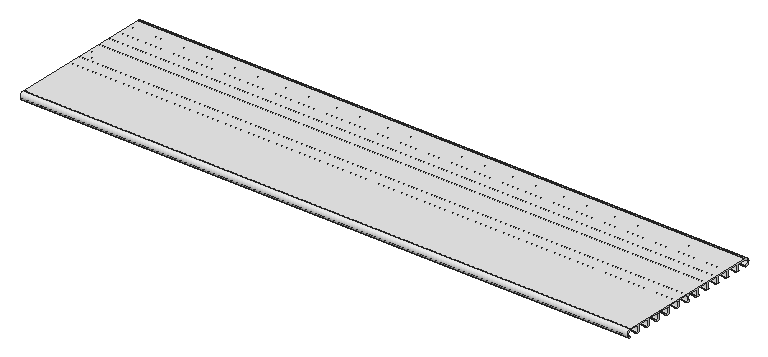
Revit family "Shelf-12in_Rakks", category Specialty Equipment, Revit 2026
Family settings
  Round Connector Dimension = Use Diameter
  Part Type = Normal
  Classification Number = 23.40.50.31.11.14
  Work Plane-Based = No
  Enable Cutting in Views = No
  Always vertical = Yes
  Cut with Voids When Loaded = No
  Maintain Annotation Orientation = No
  Shared = Yes
  Room Calculation Point = No
Parameters
  Warranty Duration (Years) = 0
  Unit Width [instance] = 4' - 0"
  Unit Depth = 1' - 0"
  URL = "http://www.rakks.com/"
  Test Data = "http://www.rakks.com/pdfs/Rangine_Corporation_Leed_Statement.pdf"
  Specification = "http://www.arcat.com/sdspecs/htm/10670rak.htm"
  Send Message = "http://www.arcat.com/users.pl?action=UserEmail&company=Rangine%20Corp.%20-%20Rakks&coid=35076&rep=116&fax=781-455-8702&mf="
  Sales Information = "http://store.rakks.com/"
  Revision = "R1_03-2010"
  Product Properties = "http://www.arcat.com/bim/bim_info.pl?fn=Shelving_Rakks"
  Product Data = "http://www.arcat.com/arcatcos/cos35/arc35076.html"
  Model = ""
  Material = Metal - Clear Anodized
  Manufacturer Website = "http://www.rakks.com/"
  Manufacturer Phone - Toll Free = "800-826-6006"
  Manufacturer Phone = "781-455-8700"
  Manufacturer Fax = "781-455-8702"
  Manufacturer Address = "330 Reservoir St., Needham, MA 02494"
  Manufacturer = "Rangine Corp. - Rakks"
  Maintenance Schedule (Months) = 0
  Keynote = "10 56 00"
  Installation-Fabrication = "http://www.rakks.com/literature/install.html"
  Installation Phase = ""
  Green Building-LEED = "http://www.arcat.com/green/clients/leed_data_35076.html"
  Expected Lifespan (Years) = 0
  Drawn By = "Robert S. Weygant, CSI, CDT, SCIP"
  Description = ""
  Default Elevation = 0' - 0"
  Copyright = "2010, ARCAT, Inc"
  Construction Details = "http://www.arcat.com/details/rangine/rangine.html?coid=35076"
  Capacity (Weight) = 0.00 lbf
  Building Codes = ""
  Assembly Code = "E1010500"
Reference planes (in)
  plane 1 "Back": y = 0
  plane 2: z = 0
  plane 3 "Center (Left/Right)": x = 0
  plane 4: x = -24
  plane 5: x = 24
Forms (in)
  Extrusion 1, solid, material "Metal - Clear Anodized" <- "Material"
    sketch origin (0, 0, 0.00216) x (0, 1, 0) y (0, 0, 1)
      loop
        line (-11.61964, 0.5821) -> (-11.6435, 0.55825)
        arc (-11.6435, 0.55825) -> (-11.94599, 0.30641) -> (-11.6978, 0.00093) r 0.28
        arc (-11.6978, 0.00093) -> (-11.66747, 0.02527) -> (-11.69181, 0.0556) r 0.0275
        arc (-11.69181, 0.0556) -> (-11.89197, 0.29153) -> (-11.66731, 0.50426) r 0.225
        line (-11.66731, 0.50426) -> (-10.98876, 0.50426)
        arc (-10.98876, 0.50426) -> (-10.91258, 0.26529) -> (-10.97205, 0.02163) r 0.4635
        arc (-10.97205, 0.02163) -> (-10.97194, 0.00669) -> (-10.95899, -0.00074) r 0.015
        line (-10.95899, -0.00074) -> (-10.80562, -0.00074)
        arc (-10.80562, -0.00074) -> (-10.79267, 0.00669) -> (-10.79256, 0.02163) r 0.015
        arc (-10.79256, 0.02163) -> (-10.85203, 0.26529) -> (-10.77586, 0.50426) r 0.4635
        line (-10.77586, 0.50426) -> (-10.00176, 0.50426)
        arc (-10.00176, 0.50426) -> (-9.92558, 0.26529) -> (-9.98505, 0.02163) r 0.4635
        arc (-9.98505, 0.02163) -> (-9.98494, 0.00669) -> (-9.97199, -0.00074) r 0.015
        line (-9.97199, -0.00074) -> (-9.81862, -0.00074)
        arc (-9.81862, -0.00074) -> (-9.80567, 0.00669) -> (-9.80556, 0.02163) r 0.015
        arc (-9.80556, 0.02163) -> (-9.86503, 0.26529) -> (-9.78886, 0.50426) r 0.4635
        line (-9.78886, 0.50426) -> (-9.01476, 0.50426)
        arc (-9.01476, 0.50426) -> (-8.93858, 0.26529) -> (-8.99805, 0.02163) r 0.4635
        arc (-8.99805, 0.02163) -> (-8.99794, 0.00669) -> (-8.98499, -0.00074) r 0.015
        line (-8.98499, -0.00074) -> (-8.83162, -0.00074)
        arc (-8.83162, -0.00074) -> (-8.81867, 0.00669) -> (-8.81856, 0.02163) r 0.015
        arc (-8.81856, 0.02163) -> (-8.87803, 0.26529) -> (-8.80186, 0.50426) r 0.4635
        line (-8.80186, 0.50426) -> (-8.02776, 0.50426)
        arc (-8.02776, 0.50426) -> (-7.95158, 0.26529) -> (-8.01105, 0.02163) r 0.4635
        arc (-8.01105, 0.02163) -> (-8.01094, 0.00669) -> (-7.99799, -0.00074) r 0.015
        line (-7.99799, -0.00074) -> (-7.84462, -0.00074)
        arc (-7.84462, -0.00074) -> (-7.83167, 0.00669) -> (-7.83156, 0.02163) r 0.015
        arc (-7.83156, 0.02163) -> (-7.89103, 0.26529) -> (-7.81486, 0.50426) r 0.4635
        line (-7.81486, 0.50426) -> (-7.04076, 0.50426)
        arc (-7.04076, 0.50426) -> (-6.96458, 0.26529) -> (-7.02405, 0.02163) r 0.4635
        arc (-7.02405, 0.02163) -> (-7.02394, 0.00669) -> (-7.01099, -0.00074) r 0.015
        line (-7.01099, -0.00074) -> (-6.85762, -0.00074)
        arc (-6.85762, -0.00074) -> (-6.84467, 0.00669) -> (-6.84456, 0.02163) r 0.015
        arc (-6.84456, 0.02163) -> (-6.90403, 0.26529) -> (-6.82786, 0.50426) r 0.4635
        line (-6.82786, 0.50426) -> (-6.07376, 0.50426)
        arc (-6.07376, 0.50426) -> (-5.99759, 0.26562) -> (-6.05673, 0.0222) r 0.4635
        arc (-6.05673, 0.0222) -> (-6.05659, 0.00594) -> (-6.04248, -0.00216) r 0.01635
        line (-6.04248, -0.00216) -> (-5.90332, -0.00216)
        arc (-5.90332, -0.00216) -> (-5.89037, 0.00528) -> (-5.89025, 0.02021) r 0.015
        arc (-5.89025, 0.02021) -> (-5.94972, 0.26387) -> (-5.87355, 0.50284) r 0.4635
        line (-5.87355, 0.50284) -> (-5.11945, 0.50284)
        arc (-5.11945, 0.50284) -> (-5.04328, 0.26387) -> (-5.10275, 0.02021) r 0.4635
        arc (-5.10275, 0.02021) -> (-5.10263, 0.00528) -> (-5.08968, -0.00216) r 0.015
        line (-5.08968, -0.00216) -> (-4.93632, -0.00216)
        arc (-4.93632, -0.00216) -> (-4.92337, 0.00528) -> (-4.92325, 0.02021) r 0.015
        arc (-4.92325, 0.02021) -> (-4.98272, 0.26387) -> (-4.90655, 0.50284) r 0.4635
        line (-4.90655, 0.50284) -> (-4.13245, 0.50284)
        arc (-4.13245, 0.50284) -> (-4.05628, 0.26387) -> (-4.11575, 0.02021) r 0.4635
        arc (-4.11575, 0.02021) -> (-4.11563, 0.00528) -> (-4.10268, -0.00216) r 0.015
        line (-4.10268, -0.00216) -> (-3.94932, -0.00216)
        arc (-3.94932, -0.00216) -> (-3.93637, 0.00528) -> (-3.93625, 0.02021) r 0.015
        arc (-3.93625, 0.02021) -> (-3.99572, 0.26387) -> (-3.91955, 0.50284) r 0.4635
        line (-3.91955, 0.50284) -> (-3.14545, 0.50284)
        arc (-3.14545, 0.50284) -> (-3.06928, 0.26387) -> (-3.12875, 0.02021) r 0.4635
        arc (-3.12875, 0.02021) -> (-3.12863, 0.00528) -> (-3.11568, -0.00216) r 0.015
        line (-3.11568, -0.00216) -> (-2.96232, -0.00216)
        arc (-2.96232, -0.00216) -> (-2.94937, 0.00528) -> (-2.94925, 0.02021) r 0.015
        arc (-2.94925, 0.02021) -> (-3.00872, 0.26387) -> (-2.93255, 0.50284) r 0.4635
        line (-2.93255, 0.50284) -> (-2.15845, 0.50284)
        arc (-2.15845, 0.50284) -> (-2.08228, 0.26387) -> (-2.14175, 0.02021) r 0.4635
        arc (-2.14175, 0.02021) -> (-2.14163, 0.00528) -> (-2.12868, -0.00216) r 0.015
        line (-2.12868, -0.00216) -> (-1.97532, -0.00216)
        arc (-1.97532, -0.00216) -> (-1.96237, 0.00528) -> (-1.96225, 0.02021) r 0.015
        arc (-1.96225, 0.02021) -> (-2.02172, 0.26387) -> (-1.94555, 0.50284) r 0.4635
        line (-1.94555, 0.50284) -> (-1.17145, 0.50284)
        arc (-1.17145, 0.50284) -> (-1.09528, 0.26387) -> (-1.15475, 0.02021) r 0.4635
        arc (-1.15475, 0.02021) -> (-1.15463, 0.00528) -> (-1.14168, -0.00216) r 0.015
        line (-1.14168, -0.00216) -> (-0.98832, -0.00216)
        arc (-0.98832, -0.00216) -> (-0.97537, 0.00528) -> (-0.97525, 0.02021) r 0.015
        arc (-0.97525, 0.02021) -> (-1.03472, 0.26387) -> (-0.95855, 0.50284) r 0.4635
        line (-0.95855, 0.50284) -> (-0.28073, 0.50284)
        arc (-0.28073, 0.50284) -> (-0.05607, 0.29011) -> (-0.25623, 0.05418) r 0.225
        arc (-0.25623, 0.05418) -> (-0.28057, 0.02385) -> (-0.25024, -0.00049) r 0.0275
        arc (-0.25024, -0.00049) -> (-0.00078, 0.28308) -> (-0.26067, 0.55712) r 0.28
        line (-0.26067, 0.55712) -> (-0.30397, 0.55712) -> (-0.32895, 0.5821) -> (-11.61964, 0.5821)
    from -24 to 24
Dimensions and locks (in)
  equal spacing: plane 4, plane 3 "Center (Left/Right)", plane 5
  "Unit Width": plane 4 to plane 5
  aligned and locked: Extrusion 1 to plane 4
  aligned and locked: plane 5 to Extrusion 1
Automatic sketch dimensions
  Extrusion 1 sketch curve to Extrusion 1 sketch curve = 0' - 0"  (x56)
  level to Extrusion 1 sketch curve = 0' - 0.58426"
  Extrusion 1 sketch curve to Extrusion 1 sketch curve = 0' - 0.003"  (x2)
  Extrusion 1 sketch curve to Extrusion 1 sketch curve = 0' - 0.0245"  (x2)
  level to Extrusion 1 sketch curve = 0' - 0.5604"
  Extrusion 1 sketch curve to Extrusion 1 sketch curve = 0' - 0.02381"
  Extrusion 1 sketch curve to Extrusion 1 sketch curve = 0' - 0.02385"
  Extrusion 1 sketch curve to Extrusion 1 sketch curve = 0' - 0.2915"
  level to Extrusion 1 sketch curve = 0' - 0.50642"  (x6)
  Extrusion 1 sketch curve to Extrusion 1 sketch curve = 0' - 0.38705"  (x10)
  Extrusion 1 sketch curve to Extrusion 1 sketch curve = 0' - 0.40375"  (x16)
  Extrusion 1 sketch curve to Extrusion 1 sketch curve = 0' - 0.01307"  (x21)
  Extrusion 1 sketch curve to Extrusion 1 sketch curve = 0' - 0.15336"  (x10)
  Extrusion 1 sketch curve to Extrusion 1 sketch curve = 0' - 0.2129"  (x10)
  Extrusion 1 sketch curve to Extrusion 1 sketch curve = 0' - 0.38375"  (x3)
  Extrusion 1 sketch curve to Extrusion 1 sketch curve = 0' - 0.02"  (x2)
  Extrusion 1 sketch curve to Extrusion 1 sketch curve = 0' - 0.36705"  (x2)
  Extrusion 1 sketch curve to Extrusion 1 sketch curve = 0' - 0.38408"
  Extrusion 1 sketch curve to Extrusion 1 sketch curve = 0' - 0.01425"
  Extrusion 1 sketch curve to Extrusion 1 sketch curve = 0' - 0.13916"
  level to Extrusion 1 sketch curve = 0' - 0.505"  (x6)
  Extrusion 1 sketch curve to Extrusion 1 sketch curve = 0' - 0.20021"
  plane 1 "Back" to Extrusion 1 sketch curve = 0' - 0.32895"
  level to Extrusion 1 sketch curve = 0' - 0.55928"
  Extrusion 1 sketch curve to Extrusion 1 sketch curve = 0' - 0.02498"
  Extrusion 1 sketch curve to Extrusion 1 sketch curve = 0' - 0.02324"
  Extrusion 1 sketch curve to Extrusion 1 sketch curve = 0' - 0.0433"
  Extrusion 1 sketch curve to Extrusion 1 sketch curve = 0' - 0.505"
  Extrusion 1 sketch curve to Extrusion 1 sketch curve = 0' - 0 1/4"
  Extrusion 1 sketch curve to Extrusion 1 sketch curve = 0' - 0.24833"
  Extrusion 1 sketch curve to Extrusion 1 sketch curve = 0' - 0.29077"
  level to Extrusion 1 sketch curve = 0' - 0 1/4"
